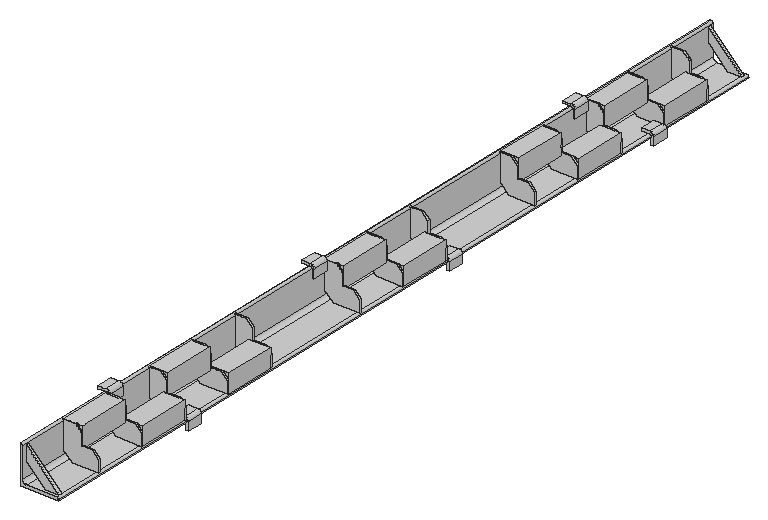
Revit family "ORMA_ORMA OUTSIDE CORNER 2,7_1900932", category Generic Models, Revit 2018
Family settings
  Can host rebar = No
  Round Connector Dimension = Use Diameter
  Part Type = Normal
  OmniClass Number = 35.51.14.00
  OmniClass Title = FORMWORK
  Work Plane-Based = Yes
  Always vertical = No
  Cut with Voids When Loaded = No
  Shared = Yes
  Room Calculation Point = No
Parameters
  VERSION = "20190101"  # constant formula
  URL = "www.ulmaconstruction.com/en"
  UNICLASS = ""
  ITEM_CODE = "1900932"
  Manufacturer = "ULMA CONSTRUCTION"  # constant formula
  FILTER [instance] = ""
  Default Elevation = 0.000 mm
  CLASSIFICATION_TITLE = ""
  CLASSIFICATION_NUMBER = ""
Reference planes
  plane 1 "Centro (Frontal/Posterior)": y = 0
  plane 2: z = 0
  plane 3 "Centro (Izquierda/Derecha)": x = 0
  plane 4 "ITEM_HEIGHT": y = 2700
Forms (mm)
  Extrusion 1, solid, material "ULMA ZINC"
    sketch origin (0, 0, 0) x (1, 0, 0) y (0, 0, 1)
      loop
        line (8, 21) -> (8, 113.5)
        arc (8, 113.5) -> (6.096, 118.096) -> (1.5, 120) r 6.5
        line (1.5, 120) -> (0, 120) -> (0, 0) -> (120, 0) -> (120, 1.5)
        arc (120, 1.5) -> (118.096, 6.096) -> (113.5, 8) r 6.5
        line (113.5, 8) -> (21, 8)
        arc (21, 8) -> (11.808, 11.808) -> (8, 21) r 13
    from -2700 to 0
  Extrusion 2, solid, material "ULMA ZINC", detail levels fine
    sketch origin (0, -48, 0) x (1, 0, 0) y (0, 0, 1)
      loop
        line (8, 37) -> (37, 8) -> (120, 8) -> (120, 46) -> (101, 65) -> (65, 65) -> (65, 101) -> (46, 120) -> (8, 120) -> (8, 37)
    from -210 to -206
  Extrusion 3, solid, material "ULMA ZINC", detail levels fine
    sketch origin (0, -48, 0) x (1, 0, 0) y (0, 0, 1)
      loop
        line (65, 120) -> (8, 120) -> (8, 40) -> (29.721, 40) -> (65, 54.975) -> (65, 120)
    from -374 to -210
  Extrusion 4, solid, material "ULMA ZINC", detail levels fine
    sketch origin (0, 120, 0) x (1, 0, 0) y (0, 0, 1)
      loop
        line (8, 37) -> (37, 8) -> (120, 8) -> (120, 46) -> (101, 65) -> (65, 65) -> (65, 101) -> (46, 120) -> (8, 120) -> (8, 37)
    from -210 to -206
  Extrusion 5, solid, material "ULMA ZINC", detail levels fine
    sketch origin (0, 120, 0) x (1, 0, 0) y (0, 0, 1)
      loop
        line (40, 29.721) -> (40, 8) -> (120, 8) -> (120, 65) -> (54.975, 65) -> (40, 29.721)
    from -374 to -210
  Extrusion 6, solid, material "ULMA ZINC", detail levels fine
    sketch origin (0, 288, 0) x (1, 0, 0) y (0, 0, 1)
      loop
        line (8, 37) -> (37, 8) -> (120, 8) -> (120, 46) -> (101, 65) -> (65, 65) -> (65, 101) -> (46, 120) -> (8, 120) -> (8, 37)
    from -210 to -206
  Extrusion 7, solid, material "ULMA ZINC", detail levels fine
    sketch origin (0, 456, 0) x (1, 0, 0) y (0, 0, 1)
      loop
        line (8, 37) -> (37, 8) -> (120, 8) -> (120, 46) -> (101, 65) -> (65, 65) -> (65, 101) -> (46, 120) -> (8, 120) -> (8, 37)
    from -210 to -206
  Extrusion 8, solid, material "ULMA ZINC", detail levels fine
    sketch origin (0, 624, 0) x (1, 0, 0) y (0, 0, 1)
      loop
        line (8, 37) -> (37, 8) -> (120, 8) -> (120, 46) -> (101, 65) -> (65, 65) -> (65, 101) -> (46, 120) -> (8, 120) -> (8, 37)
    from -210 to -206
  Extrusion 9, solid, material "ULMA ZINC", detail levels fine
    sketch origin (0, 288, 0) x (1, 0, 0) y (0, 0, 1)
      loop
        line (65, 120) -> (8, 120) -> (8, 40) -> (29.721, 40) -> (65, 54.975) -> (65, 120)
    from -374 to -210
  Extrusion 10, solid, material "ULMA ZINC", detail levels fine
    sketch origin (0, 456, 0) x (1, 0, 0) y (0, 0, 1)
      loop
        line (40, 29.721) -> (40, 8) -> (120, 8) -> (120, 65) -> (54.975, 65) -> (40, 29.721)
    from -374 to -210
  Extrusion 11, solid, material "ULMA ZINC", detail levels fine
    sketch origin (0, 974, 0) x (1, 0, 0) y (0, 0, 1)
      loop
        line (8, 37) -> (37, 8) -> (120, 8) -> (120, 46) -> (101, 65) -> (65, 65) -> (65, 101) -> (46, 120) -> (8, 120) -> (8, 37)
    from -210 to -206
  Extrusion 12, solid, material "ULMA ZINC", detail levels fine
    sketch origin (0, 974, 0) x (1, 0, 0) y (0, 0, 1)
      loop
        line (65, 120) -> (8, 120) -> (8, 40) -> (29.721, 40) -> (65, 54.975) -> (65, 120)
    from -374 to -210
  Extrusion 13, solid, material "ULMA ZINC", detail levels fine
    sketch origin (0, 1142, 0) x (1, 0, 0) y (0, 0, 1)
      loop
        line (8, 37) -> (37, 8) -> (120, 8) -> (120, 46) -> (101, 65) -> (65, 65) -> (65, 101) -> (46, 120) -> (8, 120) -> (8, 37)
    from -210 to -206
  Extrusion 14, solid, material "ULMA ZINC", detail levels fine
    sketch origin (0, 1142, 0) x (1, 0, 0) y (0, 0, 1)
      loop
        line (40, 29.721) -> (40, 8) -> (120, 8) -> (120, 65) -> (54.975, 65) -> (40, 29.721)
    from -374 to -210
  Extrusion 15, solid, material "ULMA ZINC", detail levels fine
    sketch origin (0, 1310, 0) x (1, 0, 0) y (0, 0, 1)
      loop
        line (8, 37) -> (37, 8) -> (120, 8) -> (120, 46) -> (101, 65) -> (65, 65) -> (65, 101) -> (46, 120) -> (8, 120) -> (8, 37)
    from -210 to -206
  Extrusion 16, solid, material "ULMA ZINC", detail levels fine
    sketch origin (0, 1660, 0) x (1, 0, 0) y (0, 0, 1)
      loop
        line (8, 37) -> (37, 8) -> (120, 8) -> (120, 46) -> (101, 65) -> (65, 65) -> (65, 101) -> (46, 120) -> (8, 120) -> (8, 37)
    from -210 to -206
  Extrusion 17, solid, material "ULMA ZINC", detail levels fine
    sketch origin (0, 1828, 0) x (1, 0, 0) y (0, 0, 1)
      loop
        line (8, 37) -> (37, 8) -> (120, 8) -> (120, 46) -> (101, 65) -> (65, 65) -> (65, 101) -> (46, 120) -> (8, 120) -> (8, 37)
    from -210 to -206
  Extrusion 18, solid, material "ULMA ZINC", detail levels fine
    sketch origin (0, 1996, 0) x (1, 0, 0) y (0, 0, 1)
      loop
        line (8, 37) -> (37, 8) -> (120, 8) -> (120, 46) -> (101, 65) -> (65, 65) -> (65, 101) -> (46, 120) -> (8, 120) -> (8, 37)
    from -210 to -206
  Extrusion 19, solid, material "ULMA ZINC", detail levels fine
    sketch origin (0, 2164, 0) x (1, 0, 0) y (0, 0, 1)
      loop
        line (8, 37) -> (37, 8) -> (120, 8) -> (120, 46) -> (101, 65) -> (65, 65) -> (65, 101) -> (46, 120) -> (8, 120) -> (8, 37)
    from -210 to -206
  Extrusion 20, solid, material "ULMA ZINC", detail levels fine
    sketch origin (0, 2332, 0) x (1, 0, 0) y (0, 0, 1)
      loop
        line (8, 37) -> (37, 8) -> (120, 8) -> (120, 46) -> (101, 65) -> (65, 65) -> (65, 101) -> (46, 120) -> (8, 120) -> (8, 37)
    from -210 to -206
  Extrusion 21, solid, material "ULMA ZINC", detail levels fine
    sketch origin (0, 1660, 0) x (1, 0, 0) y (0, 0, 1)
      loop
        line (65, 120) -> (8, 120) -> (8, 40) -> (29.721, 40) -> (65, 54.975) -> (65, 120)
    from -374 to -210
  Extrusion 22, solid, material "ULMA ZINC", detail levels fine
    sketch origin (0, 1996, 0) x (1, 0, 0) y (0, 0, 1)
      loop
        line (65, 120) -> (8, 120) -> (8, 40) -> (29.721, 40) -> (65, 54.975) -> (65, 120)
    from -374 to -210
  Extrusion 23, solid, material "ULMA ZINC", detail levels fine
    sketch origin (0, 1828, 0) x (1, 0, 0) y (0, 0, 1)
      loop
        line (40, 29.721) -> (40, 8) -> (120, 8) -> (120, 65) -> (54.975, 65) -> (40, 29.721)
    from -374 to -210
  Extrusion 24, solid, material "ULMA ZINC", detail levels fine
    sketch origin (0, 2164, 0) x (1, 0, 0) y (0, 0, 1)
      loop
        line (40, 29.721) -> (40, 8) -> (120, 8) -> (120, 65) -> (54.975, 65) -> (40, 29.721)
    from -374 to -210
  Extrusion 25, solid, material "ULMA ZINC", detail levels fine
    sketch origin (0, 0, 0) x (1, 0, 0) y (0, 0, 1)
      loop
        line (114.066, 8) -> (8, 114.066) -> (8, 71.64) -> (71.64, 8) -> (114.066, 8)
    from -2690 to -2682
  Extrusion 26, solid, material "ULMA ZINC", detail levels fine
    sketch origin (0, 0, 0) x (1, 0, 0) y (0, 0, 1)
      loop
        line (114.066, 8) -> (8, 114.066) -> (8, 71.64) -> (71.64, 8) -> (114.066, 8)
    from -18 to -10
  Extrusion 27, solid, material "ULMA ZINC", detail levels fine
    sketch origin (0, 0, 0) x (1, 0, 0) y (0, 0, 1)
      loop
        line (4, 128) -> (-21.5, 128) -> (-21.5, 120) -> (2, 120)
        arc (2, 120) -> (6.243, 118.243) -> (8, 114) r 6
        line (8, 114) -> (8, 90.5) -> (16, 90.5) -> (16, 116)
        arc (16, 116) -> (12.485, 124.485) -> (4, 128) r 12
    from -380 to -330
  Extrusion 28, solid, material "ULMA ZINC", detail levels fine
    sketch origin (0, 0, 0) x (1, 0, 0) y (0, 0, 1)
      loop
        line (120, 2) -> (120, -21.5) -> (128, -21.5) -> (128, 4)
        arc (128, 4) -> (124.485, 12.485) -> (116, 16) r 12
        line (116, 16) -> (90.5, 16) -> (90.5, 8) -> (114, 8)
        arc (114, 8) -> (118.243, 6.243) -> (120, 2) r 6
    from -548 to -498
  Extrusion 29, solid, material "ULMA ZINC", detail levels fine
    sketch origin (0, 240, 0) x (1, 0, 0) y (0, 0, 1)
      loop
        line (120, 2) -> (120, -21.5) -> (128, -21.5) -> (128, 4)
        arc (128, 4) -> (124.485, 12.485) -> (116, 16) r 12
        line (116, 16) -> (90.5, 16) -> (90.5, 8) -> (114, 8)
        arc (114, 8) -> (118.243, 6.243) -> (120, 2) r 6
    from -1330 to -1280
  Extrusion 30, solid, material "ULMA ZINC", detail levels fine
    sketch origin (0, 420, 0) x (1, 0, 0) y (0, 0, 1)
      loop
        line (120, 2) -> (120, -21.5) -> (128, -21.5) -> (128, 4)
        arc (128, 4) -> (124.485, 12.485) -> (116, 16) r 12
        line (116, 16) -> (90.5, 16) -> (90.5, 8) -> (114, 8)
        arc (114, 8) -> (118.243, 6.243) -> (120, 2) r 6
    from -1950 to -1900
  Extrusion 31, solid, material "ULMA ZINC", detail levels fine
    sketch origin (0, 205, 0) x (1, 0, 0) y (0, 0, 1)
      loop
        line (4, 128) -> (-21.5, 128) -> (-21.5, 120) -> (2, 120)
        arc (2, 120) -> (6.243, 118.243) -> (8, 114) r 6
        line (8, 114) -> (8, 90.5) -> (16, 90.5) -> (16, 116)
        arc (16, 116) -> (12.485, 124.485) -> (4, 128) r 12
    from -975 to -925
  Extrusion 32, solid, material "ULMA ZINC", detail levels fine
    sketch origin (0, 495, 0) x (1, 0, 0) y (0, 0, 1)
      loop
        line (4, 128) -> (-21.5, 128) -> (-21.5, 120) -> (2, 120)
        arc (2, 120) -> (6.243, 118.243) -> (8, 114) r 6
        line (8, 114) -> (8, 90.5) -> (16, 90.5) -> (16, 116)
        arc (16, 116) -> (12.485, 124.485) -> (4, 128) r 12
    from -1707 to -1657
Lines and regions (mm)
  model lines, style "ULMA PANELS", detail levels fine
    curve 1: circle (80, 72, 0) r 11 normal (0, 0, 1)
    curve 2: circle (80, 2580, 0) r 11 normal (0, 0, 1)
    curve 3: circle (80, 120, 8) r 11 normal (0, 0, 1)
    curve 4: circle (80, 2580, 8) r 11 normal (0, 0, 1)
    curve 5: circle (0, 72, 80) r 11 normal (1, 0, 0)
    curve 6: circle (0, 2580, 80) r 11 normal (1, 0, 0)
    curve 7: circle (8, 2580, 80) r 11 normal (1, 0, 0)
    curve 8: circle (8, 120, 80) r 11 normal (1, 0, 0)
Dimensions and locks
  locked: plane 1 "Centro (Frontal/Posterior)" to plane 4 "ITEM_HEIGHT" at 2700
  aligned and locked: level to plane 2
  aligned and locked: plane 1 "Centro (Frontal/Posterior)" to Extrusion 1
  aligned and locked: plane 4 "ITEM_HEIGHT" to Extrusion 1
  aligned and locked: Extrusion 3 to Extrusion 2
  aligned and locked: Extrusion 4 to Extrusion 3
  aligned and locked: Extrusion 5 to Extrusion 4
  aligned and locked: Extrusion 6 to Extrusion 5
  aligned and locked: Extrusion 9 to Extrusion 6
  aligned and locked: Extrusion 7 to Extrusion 9
  aligned and locked: Extrusion 10 to Extrusion 7
  aligned and locked: Extrusion 8 to Extrusion 10
  aligned and locked: Extrusion 12 to Extrusion 11
  aligned and locked: Extrusion 13 to Extrusion 12
  aligned and locked: Extrusion 14 to Extrusion 13
  aligned and locked: Extrusion 21 to Extrusion 16
  aligned and locked: Extrusion 17 to Extrusion 21
  aligned and locked: Extrusion 23 to Extrusion 17
  aligned and locked: Extrusion 18 to Extrusion 23
  aligned and locked: Extrusion 22 to Extrusion 18
  aligned and locked: Extrusion 19 to Extrusion 22
  aligned and locked: Extrusion 24 to Extrusion 19
  aligned and locked: Extrusion 20 to Extrusion 24
